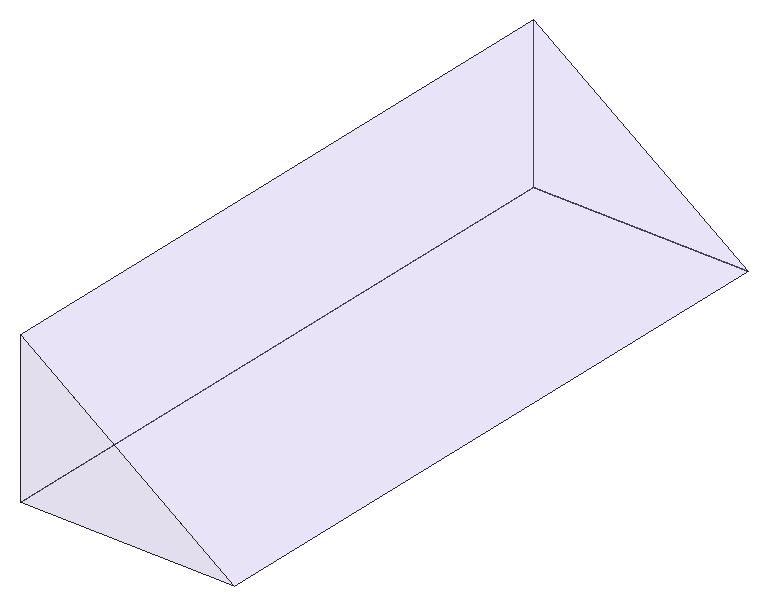
Revit family
Parameters (values of type "15000 x 45000 x 10500")
  Width [instance] = 15000 mm
  Top Offset = 0 mm
  Material [instance] = none
  Height [instance] = 10500 mm
  Depth [instance] = 45000 mm
  Assembly Code = ""
Reference planes
  plane 1 "Center (Front/Back)": y = 12.955
  plane 2: z = 0
  plane 3 "Center (Left/Right)": x = -30.261
  plane 4: y = 22512.955
  plane 5: x = 7469.739
  plane 6: x = -7530.261
  plane 7: y = -22487.045
  plane 8: z = 10500
  plane 9: x = -7530.261
Forms (mm)
  Extrusion 1, solid, material <- "Material"
    sketch origin (0, 12.955, 0) x (1, 0, 0) y (0, 0, 1)
      loop
        line (-7530.261, 0) -> (7469.739, 0) -> (-7530.261, 10500) -> (-7530.261, 0)
    from -22500 to 22500
Dimensions and locks
  plane 6 to plane 3 "Center (Left/Right)" to plane 5 = 7500 mm, 7500 mm
  "Width": plane 6 to plane 5
  plane 4 to plane 1 "Center (Front/Back)" to plane 7 = 22500 mm, 22500 mm
  "Depth": plane 4 to plane 7
  "Height": plane 8 to level
  "Top Offset": plane 9 to plane 6
  aligned: plane 6 to Extrusion 1 sketch curve
  aligned: Extrusion 1 sketch curve to level
  aligned: Extrusion 1 to plane 7
  aligned: Extrusion 1 to plane 4
Automatic sketch dimensions
  Extrusion 1 sketch curve to plane 9 = 0 mm
  Extrusion 1 sketch curve to plane 8 = 0 mm
  Extrusion 1 sketch curve to plane 5 = 0 mm
